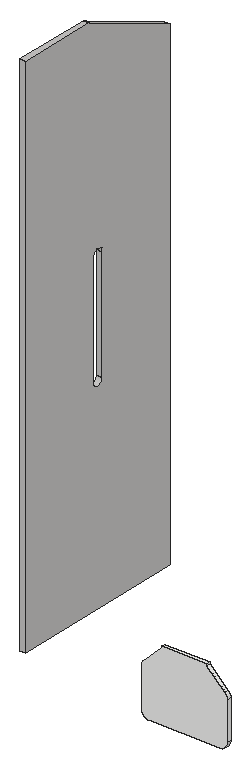
Revit family "Dozownik_mydla_w_plynie_i_srodkow_dezynfekcyjnych 1 l HIT", category Furniture, host Wall, Revit 2019
Family settings
  Host = Wall
  Always vertical = Yes
  Cut with Voids When Loaded = No
  Shared = No
  Room Calculation Point = No
Parameters (values of type "SA1002SJB")
  Width / Szerokosc = 100 mm  # constant formula
  Weight / Waga = "1.05 kg"
  URL = "https://faneco.com/dozownik-mydla-w-plynie-i-srodkow-dezynfekcyjnych-1-l-hit.html"
  Type Comments = "Dozownik mydła w płynie i środków dezynfekcyjnych 1 l HIT"
  Product code / Kod produktu = "SA1002SJB"
  Model = ""
  Material finish / Wykonczenie = "Stal nierdzewna 304 szczotkowana"
  Material = Stal nierdzewna szczotkowana
  Manufacturer code / Kod producenta = "5901764295761"
  Manufacturer = "FANECO.com"
  Height / Wysokosc = 280 mm  # constant formula
  Description = "Dozownik  do mydła w pianie i środków dezynfekcyjnych 1l HIT jest bardzo mocnym i odpornym na uszkodzenia naściennym podajnikiem, który wykonano ze stali nierdzewnej matowej. To elegancki, nowoczesny i funkcjonalny element wyposażenia toalet publicznych. Dzięki dużej pojemności świetnie pasuje do pomieszczeń o wysokim natężeniu ruchu. Okienko umożliwia sprawne kontrolowanie poziomu mydła wewnątrz dozownika, a ergonomiczny przycisk gwarantuje komfort jego użytkowania."
  Depth / Glebokosc = 100 mm  # constant formula
  Color / Kolor = ""
Reference planes
  plane 1 "Wall": y = 0
  plane 2 "Center (Left/Right)": x = 125
  plane 3 "Back": y = 75
Text (mm)
  text "Placement Side" at (-1848.837, 1116.779, 0), in view "Ref. Level"
  text "Placement side" at (0, 1409.804, 2854.306), in view "Left"
  text "Placement side" at (0, 499.811, 2980.732), in view "Right"
Dimensions and locks
  locked: plane 3 "Back" to host wall
  aligned and locked: plane 1 "Wall" to host wall
Nested families
  nested 1: "Low_detail" at (125, 75, 1140) x (-1, 0, 0) z (0, 1, 0), Material <- "Material", G <- "Depth / Glebokosc", S <- "Width / Szerokosc", W <- "Height / Wysokosc", type "Low_detail", detail levels coarse
    with W 280 mm, S 100 mm, Material Stal nierdzewna szczotkowana, G 100 mm
  nested 2: "SA1002SJB_medium" at (125, 75, 1284) x (-1, 0, 0) z (0, 1, 0), type "SA1002SJB_medium", detail levels medium
  nested 3: "SA1002SJB_high" at (125, 75, 1280) x (-1, 0, 0) z (0, 1, 0), type "SA1002SJB_high", detail levels fine
Definition of nested family "Low_detail"
  Parameters
    W [instance] = 721.812 mm
    S [instance] = 880 mm
    Material [instance] = none
    G [instance] = 250 mm
    Default Elevation = 1219.2 mm
  Reference planes
    plane 1 "Center (Front/Back)": y = 0
    plane 2: z = 0
    plane 3 "Center (Left/Right)": x = 0
    plane 4: x = -440
    plane 5: x = 440
    plane 6: y = 360.906
    plane 7: y = -360.906
  Forms (mm)
    Extrusion 1, solid
      sketch origin (0, 0, 0) x (1, 0, 0) y (0, 1, 0)
        loop
          line (-1219.2, 1219.2) -> (-1219.2, -1219.2) -> (1219.2, -1219.2) -> (1219.2, 1219.2) -> (-1219.2, 1219.2)
      from 0 to -304.8
    Extrusion 2, solid, material <- "Material"
      sketch origin (0, 0, 0) x (1, 0, 0) y (0, 1, 0)
        loop
          line (-440, 360.906) -> (-440, -360.906) -> (440, -360.906) -> (440, 360.906) -> (-440, 360.906)
      from 0 to 250 <- "G"
  Dimensions and locks
    equal spacing: plane 4, plane 3 "Center (Left/Right)", plane 5
    "S": plane 4 to plane 5
    equal spacing: plane 6, plane 1 "Center (Front/Back)", plane 7
    "W": plane 6 to plane 7
    aligned and locked: plane 2 to Extrusion 1
    aligned and locked: level to Extrusion 1
    aligned and locked: Extrusion 2 sketch curve to plane 6
    aligned and locked: plane 4 to Extrusion 2 sketch curve
    aligned and locked: plane 7 to Extrusion 2 sketch curve
    aligned and locked: Extrusion 2 sketch curve to plane 5
  Automatic sketch dimensions
    Extrusion 1 sketch curve to Extrusion 1 sketch curve = 2438.4 mm  (x2)
Definition of nested family "SA1002SJB_medium"
  Parameters (values of type "SA1002SJB_medium")
    Material_raczka = none
    Material = none
    Default Elevation = 1219.2 mm
  Reference planes
    plane 1 "Center (Front/Back)": y = 0
    plane 2: z = 0
    plane 3 "Center (Left/Right)": x = 0
  Forms (mm)
    Extrusion 1, solid
      sketch origin (0, 0, 0) x (1, 0, 0) y (0, 1, 0)
        loop
          line (-1219.2, 1219.2) -> (-1219.2, -1219.2) -> (1219.2, -1219.2) -> (1219.2, 1219.2) -> (-1219.2, 1219.2)
      from 0 to -304.8
    Extrusion 2, solid, material <- "Material"
      sketch origin (0, 0, 0) x (0, 1, 0) y (0, 0, 1)
        loop
          line (-4, 45) -> (-29, 100) -> (-284, 100) -> (-284, 0) -> (-4, 0) -> (-4, 45)
        loop
          line (-7, 44.35) -> (-30.932, 97) -> (-281, 97) -> (-281, 3) -> (-7, 3) -> (-7, 44.35)
      from -50 to 50
    Extrusion 3, solid
      sketch origin (-50, -4, 22.5) x (0, 0, 1) y (1, 0, 0)
        loop
          circle (7.286, 50) r 10
      from 0 to 4
    Extrusion 4, solid, material <- "Material"
      sketch origin (-50, 0, 0) x (0, -1, 0) y (0, 0, 1)
        loop
          line (284, 100) -> (29, 100) -> (4, 45) -> (4, 0) -> (284, 0) -> (284, 100)
      from -3 to 0
    Extrusion 5, solid, material <- "Material"
      sketch origin (50, 0, 0) x (0, -1, 0) y (0, 0, -1)
        loop
          line (284, -100) -> (284, 0) -> (4, 0) -> (4, -45) -> (29, -100) -> (284, -100)
      from -3 to 0
    Extrusion 6, void
      sketch origin (0, -30.932, 100) x (1, 0, 0) y (0, -1, 0)
        loop
          arc (0, 63.12) -> (-2.708, 74.768) -> (0, 86.416) r 26.405
          arc (0, 86.416) -> (3.255, 94.05) -> (5.669, 101.991) r 77.023
          arc (5.669, 101.991) -> (4.955, 113.056) -> (0, 122.976) r 27.983
          arc (0, 122.976) -> (1.933, 112.381) -> (1.442, 101.622) r 47.751
          arc (1.442, 101.622) -> (-1.876, 93.133) -> (-5.386, 84.723) r 400.995
          arc (-5.386, 84.723) -> (-5.825, 73.14) -> (0, 63.12) r 20.811
      from 0 to 2
    Extrusion 7, void
      sketch origin (-50, 0, 0) x (0, 1, 0) y (0, 0, 1)
        loop
          line (-118, 53) -> (-177, 53)
          arc (-177, 53) -> (-180, 50) -> (-177, 47) r 3
          line (-177, 47) -> (-118, 47)
          arc (-118, 47) -> (-115, 50) -> (-118, 53) r 3
      from 0 to 2
    Extrusion 8, void
      sketch origin (50, 0, 0) x (0, 1, 0) y (0, 0, -1)
        loop
          arc (-118, -53) -> (-115, -50) -> (-118, -47) r 3
          line (-118, -47) -> (-177, -47)
          arc (-177, -47) -> (-180, -50) -> (-177, -53) r 3
          line (-177, -53) -> (-118, -53)
      from 0 to 2
    Extrusion 9, solid, material <- "Material_raczka"
      sketch origin (-50, 0, 0) x (0, -1, 0) y (0, 0, 1)
        loop
          line (284, 44.763) -> (288.465, 48) -> (288.465, 50) -> (284, 51.773) -> (284, 44.763)
      from -61.881 to -38.119
    Extrusion 10, solid, material <- "Material_raczka"
      sketch origin (0, 0, 0) x (1, 0, 0) y (0, 1, 0)
        loop
          line (-22.5, -301.191) -> (-22.5, -321.298)
          arc (-22.5, -321.298) -> (-21.328, -324.126) -> (-18.5, -325.298) r 4
          line (-18.5, -325.298) -> (18.5, -325.298)
          arc (18.5, -325.298) -> (21.328, -324.126) -> (22.5, -321.298) r 4
          line (22.5, -321.298) -> (22.5, -301.191)
          arc (22.5, -301.191) -> (22.18, -299.623) -> (21.27, -298.306) r 4
          line (21.27, -298.306) -> (11.881, -289.293) -> (11.881, -288.465) -> (-11.881, -288.465) -> (-11.881, -289.293) -> (-21.27, -298.306)
          arc (-21.27, -298.306) -> (-22.18, -299.623) -> (-22.5, -301.191) r 4
        loop
          line (-17.5, -301.618) -> (-17.5, -320.298) -> (17.5, -320.298) -> (17.5, -301.618) -> (9.006, -293.465) -> (-9.006, -293.465) -> (-17.5, -301.618)
      from 48 to 50
    Extrusion 11, solid, material <- "Material_raczka"
      sketch origin (0, 0, 50) x (1, 0, 0) y (0, 1, 0)
        loop
          line (-17.5, -301.618) -> (-17.5, -320.298) -> (17.5, -320.298) -> (17.5, -301.618) -> (9.006, -293.465) -> (-9.006, -293.465) -> (-17.5, -301.618)
      from -1 to -2
  Cuts and joins
    Extrusion 6, Extrusion 7, Extrusion 8 cuts Extrusion 2
    Extrusion 6, Extrusion 7, Extrusion 8 cuts Extrusion 4
    Extrusion 6, Extrusion 7, Extrusion 8 cuts Extrusion 5
    joined: Extrusion 2, Extrusion 4, Extrusion 5
  Dimensions and locks
    aligned and locked: plane 2 to Extrusion 1
    aligned and locked: level to Extrusion 1
Definition of nested family "SA1002SJB_high"
  Parameters
    Default Elevation = 1219.2 mm
  Reference planes
    plane 1 "Center (Front/Back)": y = 0
    plane 2: z = 0
    plane 3 "Center (Left/Right)": x = 0
  Forms (mm)
    Extrusion 1, solid
      sketch origin (0, 0, 0) x (1, 0, 0) y (0, 1, 0)
        loop
          line (-1219.2, 1219.2) -> (-1219.2, -1219.2) -> (1219.2, -1219.2) -> (1219.2, 1219.2) -> (-1219.2, 1219.2)
      from 0 to -304.8
    Extrusion 2, solid
      sketch origin (0, 0, 0) x (0, 1, 0) y (0, 0, 1)
        loop
          line (-26.919, 97) -> (-280, 97) -> (-280, 3.04) -> (-3.06, 3.04) -> (-3.06, 44.51) -> (-26.919, 97)
      from 46.999 to 50.013
    Extrusion 3, solid
      sketch origin (0, 0, 0) x (1, 0, 0) y (0, 1, 0)
        loop
          line (-11.881, -285.293) -> (-21.27, -294.306)
          arc (-21.27, -294.306) -> (-22.18, -295.623) -> (-22.5, -297.191) r 4
          line (-22.5, -297.191) -> (-22.5, -317.298)
          arc (-22.5, -317.298) -> (-21.328, -320.126) -> (-18.5, -321.298) r 4
          line (-18.5, -321.298) -> (18.5, -321.298)
          arc (18.5, -321.298) -> (21.328, -320.126) -> (22.5, -317.298) r 4
          line (22.5, -317.298) -> (22.5, -297.191)
          arc (22.5, -297.191) -> (22.18, -295.623) -> (21.27, -294.306) r 4
          line (21.27, -294.306) -> (11.881, -285.293) -> (11.881, -284.417) -> (-11.881, -284.417) -> (-11.881, -285.293)
      from 48.028 to 50.026
    Extrusion 4, void
      sketch origin (0, 0, 0) x (0, 1, 0) y (0, 0, 1)
        loop
          line (-114, 53) -> (-173, 53)
          arc (-173, 53) -> (-176, 50) -> (-173, 47) r 3
          line (-173, 47) -> (-114, 47)
          arc (-114, 47) -> (-111, 50) -> (-114, 53) r 3
      from 46.999 to 51.5
  Cuts and joins
    Extrusion 4 cuts Extrusion 2
  Dimensions and locks
    aligned and locked: plane 2 to Extrusion 1
    aligned and locked: level to Extrusion 1
